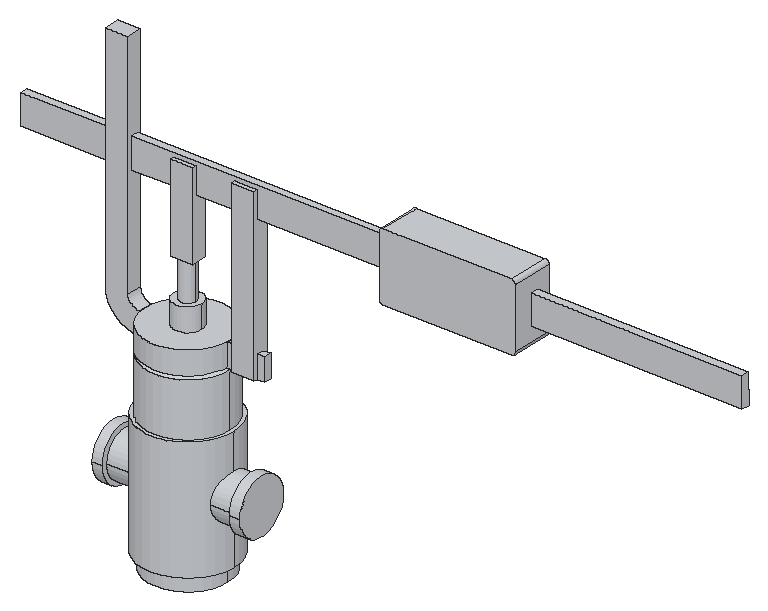
Revit family "bf87fc81bb1a4ac1a097790979638a3d", category Pipe Accessories, Revit 2021
Family settings
  Round Connector Dimension = Use Radius
  Part Type = Valve - Breaks Into
  OmniClass Number = 23.65.55.14.11.11
  OmniClass Title = Fill Valves for Liquid Services
  Seek Item ID = Level Valve - 0.5-2 Inch - Threaded-0000-USA-ENU
  Work Plane-Based = No
  Always vertical = Yes
  Cut with Voids When Loaded = No
  Shared = No
Parameters (values of type "1/2"")
  Valve Material = none
  Valve Length = 0' - 4 7/8"
  Symbol Width = 1 / 2 * Valve Length * tan(30.00°)  # 0' - 1.40729"
  Socket Thickness = 3 / 8 * Socket Radius  # 0' - 0.3375"
  Socket Radius = 1.2 * Outside Radius  # 0' - 0.9"
  Socket Diameter = 2 * Socket Radius  # 0' - 1.8"
  Radius 1 = 1 / 3 * Bonnet Radius  # 0' - 0.46615"
  Outside Radius = 0' - 0 3/4"
  Outside Diameter = 2 * Outside Radius  # 0' - 1 1/2"
  Nominal Radius = 1/4"
  Nominal Diameter = 2 * Nominal Radius  # 1/2"
  K Coefficient = 1.17
  Height 2 = 0' - 3 13/16"
  Height 1 = 0' - 2 5/8"
  Default Elevation = 0' - 0"
  Bottom Radius = 7 / 8 * Body Radius  # 0' - 1.33301"
  Bonnet Radius = Body Radius - 0' 0 1/8"  # 0' - 1 51/128"
  Bonnet Diameter = 2 * Bonnet Radius  # 0' - 2 51/64"
  Body Radius = 5 / 16 * Valve Length  # 0' - 1 67/128"
  Body Diameter = 2 * Body Radius  # 0' - 3 3/64"
Types (7): name | Valve Length | Symbol Width | Socket Thickness | Socket Radius | Socket Diameter | Radius 1 | Outside Radius | Outside Diameter | Nominal Radius | Nominal Diameter | K Coefficient | Height 2 | Height 1 | Bottom Radius | Bonnet Radius | Bonnet Diameter | Body Radius | Body Diameter
  (no name) | 0' - 4 7/8" | 0' - 1.40729" | 0' - 0.3375" | 0' - 0.9" | 0' - 1.8" | 0' - 0.46615" | 0' - 0 3/4" | 0' - 1 1/2" | 1/4" | 1/2" | 1.17 | 0' - 3 13/16" | 0' - 2 5/8" | 0' - 1.33301" | 0' - 1 51/128" | 0' - 2 51/64" | 0' - 1 67/128" | 0' - 3 3/64"
  1/2" | 0' - 4 7/8" | 0' - 1.40729" | 0' - 0.3375" | 0' - 0.9" | 0' - 1.8" | 0' - 0.46615" | 0' - 0 3/4" | 0' - 1 1/2" | 1/4" | 1/2" | 1.17 | 0' - 3 13/16" | 0' - 2 5/8" | 0' - 1.33301" | 0' - 1 51/128" | 0' - 2 51/64" | 0' - 1 67/128" | 0' - 3 3/64"
  2" | 0' - 6 1/2" | 0' - 1.87639" | 0' - 0.61875" | 0' - 1.65" | 0' - 3.3" | 0' - 0.63542" | 0' - 1 3/8" | 0' - 2 3/4" | 1" | 2" | 8.9 | 0' - 4 3/4" | 0' - 3 7/16" | 0' - 1 199/256" | 0' - 1 29/32" | 0' - 3 13/16" | 0' - 2 1/32" | 0' - 4 1/16"
  1" | 0' - 4 7/8" | 0' - 1.40729" | 0' - 0.3375" | 0' - 0.9" | 0' - 1.8" | 0' - 0.46615" | 0' - 0 3/4" | 0' - 1 1/2" | 1/2" | 1" | 8.9 | 0' - 3 13/16" | 0' - 2 5/8" | 0' - 1.33301" | 0' - 1 51/128" | 0' - 2 51/64" | 0' - 1 67/128" | 0' - 3 3/64"
  1 1/4" | 0' - 5 3/4" | 0' - 1.65988" | 0' - 0 9/16" | 0' - 1 1/2" | 0' - 3" | 0' - 0.55729" | 0' - 1 1/4" | 0' - 2 1/2" | 5/8" | 1 1/4" | 6.02 | 0' - 4 3/16" | 0' - 3 1/8" | 0' - 1.57227" | 0' - 1 43/64" | 0' - 3 11/32" | 0' - 1 51/64" | 0' - 3 19/32"
  1 1/2" | 0' - 5 3/4" | 0' - 1.65988" | 0' - 0 9/16" | 0' - 1 1/2" | 0' - 3" | 0' - 0.55729" | 0' - 1 1/4" | 0' - 2 1/2" | 3/4" | 1 1/2" | 7.21 | 0' - 4 3/16" | 0' - 3 1/8" | 0' - 1.57227" | 0' - 1 43/64" | 0' - 3 11/32" | 0' - 1 51/64" | 0' - 3 19/32"
  3/4" | 0' - 4 7/8" | 0' - 1.40729" | 0' - 0.3375" | 0' - 0.9" | 0' - 1.8" | 0' - 0.46615" | 0' - 0 3/4" | 0' - 1 1/2" | 3/8" | 3/4" | 4.75 | 0' - 3 13/16" | 0' - 2 5/8" | 0' - 1.33301" | 0' - 1 51/128" | 0' - 2 51/64" | 0' - 1 67/128" | 0' - 3 3/64"
Reference planes (in)
  plane 1 "Center (Front/Back)": y = 0
  plane 2: z = 0
  plane 3 "Center (Left/Right)": x = 0
  plane 4: x = -2.4375
  plane 5: x = 2.4375
  plane 6: z = -2.625
  plane 7: z = 3.8125
  plane 8: x = -2.1
  plane 9: x = 2.1
  plane 10: z = 1.90625
  plane 11: z = -2.125
  plane 12: x = -1.39844
  plane 13: z = 5.3125
  plane 14: z = 4.5625
  plane 15: x = -2.14844
  plane 16: z = 4.1875
  plane 17: z = 12.5625
  plane 18: x = -2.52344
  plane 19: x = -1.77344
  plane 20: y = 0.25
  plane 21: y = -0.25
  plane 22: z = 9.5625
  plane 23: z = 8.5625
  plane 24: x = -5.4375
  plane 25: x = 18.4375
  plane 26: y = 0.125
  plane 27: y = -0.125
  plane 28: x = 1.39844
  plane 29: z = 9.4375
  plane 30: x = 1.64844
  plane 31: x = 2.39844
  plane 32: y = 0.25
  plane 33: y = -0.25
  plane 34: z = 6.5625
  plane 35: x = -0.375
  plane 36: x = 0.375
  plane 37: x = 11.4375
  plane 38: x = 6.9375
  plane 39: z = 10.1875
  plane 40: z = 7.9375
  plane 41: y = 0.625
  plane 42: y = -0.75
  plane 43: y = 1.40729
  plane 44: y = -1.40729
  plane 45: x = 2.64844
Forms (in)
  Extrusion 1, solid, material <- "Valve Material", detail levels fine
    sketch origin (0, 0, 0) x (0, 1, 0) y (0, 0, 1)
      loop
        circle (0, 0) r 0.75
    from -2.1 to 2.1
  Extrusion 2, solid, material <- "Valve Material", detail levels fine
    sketch origin (0, 0, 0) x (0, 1, 0) y (0, 0, 1)
      loop
        circle (0, 0) r 0.9
    from -2.4375 to -2.1
  Extrusion 3, solid, material <- "Valve Material", detail levels fine
    sketch origin (0, 0, 0) x (0, 1, 0) y (0, 0, 1)
      loop
        circle (0, 0) r 0.9
    from 2.1 to 2.4375
  Extrusion 4, solid, material <- "Valve Material", detail levels fine
    sketch origin (0, 0, 0) x (1, 0, 0) y (0, 1, 0)
      loop
        circle (0, 0) r 1.52344
    from -2.125 to 1.90625
  Extrusion 5, solid, material <- "Valve Material", detail levels fine
    sketch origin (0, 0, 0) x (1, 0, 0) y (0, 1, 0)
      loop
        circle (0, 0) r 1.33301
    from -2.625 to -2.125
  Revolve 6, solid, material <- "Valve Material", detail levels fine
    sketch origin (0, 0, 0) x (1, 0, 0) y (0, 0, 1)
      loop
        line (0, 3.8125) -> (-1.14844, 3.8125) -> (-1.39844, 3.6875) -> (-1.39844, 1.90625) -> (0, 1.90625) -> (0, 3.8125)
      axis (0, 3.8125) -> (0, 1.90625)
    angle from 0 to 360
  Extrusion 7, solid, material <- "Valve Material", detail levels fine
    sketch origin (0, 0, 0) x (1, 0, 0) y (0, 1, 0)
      loop
        circle (0, 0) r 0.46615
    from 3.8125 to 5.3125
  Extrusion 8, solid, material <- "Valve Material", detail levels fine
    sketch origin (0, 0, 0) x (1, 0, 0) y (0, 1, 0)
      loop
        circle (0, 0) r 1.39844
    from 3.8125 to 4.5625
  Sweep 9, solid, material <- "Valve Material", detail levels fine
    path origin (0, 0, 0) x (1, 0, 0) y (0, 0, 1)
      loop
        line (-2.14844, 12.5625) -> (-2.14844, 4.9375)
        arc (-2.14844, 4.9375) -> (-1.92877, 4.40717) -> (-1.39844, 4.1875) r 0.75
    profile origin (-2.14844, 0, 8.75) x (0, -1, 0) y (1, 0, 0)
      loop
        line (-0.25, -0.375) -> (0.25, -0.375) -> (0.25, 0.375) -> (-0.25, 0.375) -> (-0.25, -0.375)
  Extrusion 10, solid, material <- "Valve Material", detail levels fine
    sketch origin (0, 0, 0) x (1, 0, 0) y (0, 0, 1)
      loop
        line (-5.4375, 9.5625) -> (-5.4375, 8.5625) -> (18.4375, 8.5625) -> (18.4375, 9.5625) -> (-5.4375, 9.5625)
    from -0.125 to 0.125
  Extrusion 11, solid, material <- "Valve Material", detail levels fine
    sketch origin (0, 0, 0) x (1, 0, 0) y (0, 0, 1)
      loop
        line (1.39844, 4.5625) -> (1.39844, 3.8125) -> (2.64844, 3.8125) -> (2.64844, 4.5625) -> (1.39844, 4.5625)
    from -0.125 to 0.125
  Extrusion 12, solid, material <- "Valve Material", detail levels fine
    sketch origin (0, 0, 0) x (1, 0, 0) y (0, 0, 1)
      loop
        line (1.64844, 9.4375) -> (1.64844, 3.8125) -> (2.39844, 3.8125) -> (2.39844, 9.4375) -> (1.64844, 9.4375)
    from -0.25 to 0.25
  Extrusion 13, solid, material <- "Valve Material", detail levels fine
    sketch origin (0, 0, 0) x (1, 0, 0) y (0, 0, 1)
      loop
        line (-0.375, 9.4375) -> (-0.375, 6.5625) -> (0.375, 6.5625) -> (0.375, 9.4375) -> (-0.375, 9.4375)
    from -0.25 to 0.25
  Extrusion 14, solid, material <- "Valve Material", detail levels fine
    sketch origin (0, 0, 0) x (1, 0, 0) y (0, 1, 0)
      loop
        circle (0, 0) r 0.25
    from 5.3125 to 6.5625
  Extrusion 15, solid, material <- "Valve Material", detail levels fine
    sketch origin (0, 0, 0) x (1, 0, 0) y (0, 0, 1)
      loop
        arc (7.0625, 10.1875) -> (6.97411, 10.15089) -> (6.9375, 10.0625) r 0.125
        line (6.9375, 10.0625) -> (6.9375, 8.0625)
        arc (6.9375, 8.0625) -> (6.97411, 7.97411) -> (7.0625, 7.9375) r 0.125
        line (7.0625, 7.9375) -> (11.3125, 7.9375)
        arc (11.3125, 7.9375) -> (11.40089, 7.97411) -> (11.4375, 8.0625) r 0.125
        line (11.4375, 8.0625) -> (11.4375, 10.0625)
        arc (11.4375, 10.0625) -> (11.40089, 10.15089) -> (11.3125, 10.1875) r 0.125
        line (11.3125, 10.1875) -> (7.0625, 10.1875)
    from -0.625 to 0.75
Cuts and joins
  joined: Sweep 9, Extrusion 10, Extrusion 11, Extrusion 12, Extrusion 13, Extrusion 15
  joined: Extrusion 1, Extrusion 2, Extrusion 3, Extrusion 4, Extrusion 5, Revolve 6, Extrusion 7, Extrusion 8, Extrusion 14
Lines and regions (in)
  model lines, detail levels coarse+medium
    curve 1: line (-2.4375, 1.40729, 0) -> (-2.4375, -1.40729, 0)
    curve 2: line (2.4375, 1.40729, 0) -> (2.4375, -1.40729, 0)
    curve 3: line (-2.4375, 1.40729, 0) -> (2.4375, -1.40729, 0)
    curve 4: line (2.4375, 1.40729, 0) -> (-2.4375, -1.40729, 0)
Dimensions and locks (in)
  equal spacing: plane 4, plane 3 "Center (Left/Right)", plane 5
  "Valve Length": plane 4 to plane 5
  "Height 1": plane 2 to plane 6
  "Height 2": plane 7 to plane 2
  "Socket Thickness": plane 4 to plane 8
  "Socket Thickness": plane 9 to plane 5
  equal spacing: plane 7, plane 10, plane 2
  locked: plane 11 to plane 6 at 0.5
  "Bonnet Radius": plane 3 "Center (Left/Right)" to plane 12
  locked: Revolve 6 sketch curve to Revolve 6 sketch curve at 0.125
  locked: plane 14 to plane 7 at 0.75
  locked: plane 13 to plane 14 at 0.75
  equal spacing: plane 14, plane 16, plane 7
  plane 18 to plane 15 to plane 19 = 0' - 0 3/8" locked, 0' - 0 3/8" locked
  locked: plane 17 to plane 7 at 8.75
  locked: plane 17 to plane 22 at 3
  locked: plane 24 to plane 4 at 3
  locked: plane 26 to plane 1 "Center (Front/Back)" at 0.125
  locked: plane 1 "Center (Front/Back)" to plane 27 at 0.125
  "Bonnet Radius": plane 3 "Center (Left/Right)" to plane 28
  plane 20 to plane 1 "Center (Front/Back)" to plane 21 = 0' - 0 1/4" locked, 0' - 0 1/4" locked
  locked: plane 22 to plane 23 at 1
  locked: plane 22 to plane 29 at 0.125
  locked: plane 28 to plane 30 at 0.25
  locked: plane 31 to plane 30 at 0.75
  locked: plane 32 to plane 1 "Center (Front/Back)" at 0.25
  locked: plane 33 to plane 1 "Center (Front/Back)" at 0.25
  locked: plane 23 to plane 34 at 2
  plane 36 to plane 3 "Center (Left/Right)" to plane 35 = 0' - 0 3/8" locked, 0' - 0 3/8" locked
  locked: plane 24 to plane 25 at 23.875
  plane 38 to plane 37 to plane 25 = 0' - 4 1/2" locked, 0' - 7" locked
  locked: plane 39 to plane 22 at 0.625
  locked: plane 23 to plane 40 at 0.625
  locked: plane 41 to plane 26 at 0.5
  locked: plane 33 to plane 42 at 0.5
  "Symbol Width": plane 43 to plane 1 "Center (Front/Back)"
  "Symbol Width": plane 44 to plane 1 "Center (Front/Back)"
  locked: plane 15 to plane 12 at 0.75
  locked: plane 45 to plane 31 at 0.25
  "Outside Radius": radius of Extrusion 1 sketch curve
  radius of Extrusion 2 sketch curve = 0' - 0.9"
  radius of Extrusion 3 sketch curve = 0' - 0.9"
  "Body Radius": radius of Extrusion 4 sketch curve
  "Bottom Radius": radius of Extrusion 5 sketch curve
  "Radius 1": radius of Extrusion 7 sketch curve
  "Bonnet Radius": radius of Extrusion 8 sketch curve
  radius of Extrusion 14 sketch curve = 0' - 0 1/4"
  aligned and locked: plane 1 "Center (Front/Back)" to Extrusion 1 sketch curve
  aligned and locked: plane 2 to Extrusion 1 sketch curve
  aligned and locked: Extrusion 1 to plane 8
  aligned and locked: plane 9 to Extrusion 1
  aligned and locked: plane 2 to Extrusion 2 sketch curve
  aligned and locked: plane 1 "Center (Front/Back)" to Extrusion 2 sketch curve
  aligned and locked: Extrusion 2 to plane 4
  aligned and locked: plane 8 to Extrusion 2
  aligned and locked: plane 2 to Extrusion 3 sketch curve
  aligned and locked: plane 1 "Center (Front/Back)" to Extrusion 3 sketch curve
  aligned and locked: plane 5 to Extrusion 3
  aligned and locked: Extrusion 3 to plane 9
  aligned and locked: plane 1 "Center (Front/Back)" to Extrusion 4 sketch curve
  aligned and locked: plane 3 "Center (Left/Right)" to Extrusion 4 sketch curve
  aligned and locked: plane 10 to Extrusion 4
  aligned and locked: Extrusion 4 to plane 11
  aligned and locked: plane 1 "Center (Front/Back)" to Extrusion 5 sketch curve
  aligned and locked: plane 3 "Center (Left/Right)" to Extrusion 5 sketch curve
  aligned and locked: Extrusion 5 to plane 6
  aligned and locked: plane 11 to Extrusion 5
  aligned and locked: plane 7 to Revolve 6 sketch curve
  aligned and locked: plane 3 "Center (Left/Right)" to Revolve 6 sketch curve
  aligned and locked: Revolve 6 sketch curve to plane 12
  aligned and locked: Revolve 6 sketch curve to plane 10
  aligned and locked: Revolve 6 sketch curve to Revolve 6 sketch curve
  aligned and locked: plane 1 "Center (Front/Back)" to Extrusion 7 sketch curve
  aligned and locked: plane 3 "Center (Left/Right)" to Extrusion 7 sketch curve
  aligned and locked: plane 13 to Extrusion 7
  aligned and locked: Extrusion 7 to plane 7
  aligned and locked: plane 1 "Center (Front/Back)" to Extrusion 8 sketch curve
  aligned and locked: plane 3 "Center (Left/Right)" to Extrusion 8 sketch curve
  aligned and locked: Extrusion 8 to plane 7
  aligned and locked: plane 14 to Extrusion 8
  aligned and locked: plane 17 to Sweep 9 sketch curve
  aligned and locked: plane 15 to Sweep 9 sketch curve
  aligned and locked: plane 18 to Sweep 9 sketch curve
  aligned and locked: plane 20 to Sweep 9 sketch curve
  aligned and locked: plane 21 to Sweep 9 sketch curve
  aligned and locked: plane 19 to Sweep 9 sketch curve
  aligned and locked: plane 24 to Extrusion 10 sketch curve
  aligned and locked: Extrusion 10 sketch curve to plane 22
  aligned and locked: plane 23 to Extrusion 10 sketch curve
  aligned and locked: Extrusion 10 sketch curve to plane 25
  aligned and locked: Extrusion 10 to plane 26
  aligned and locked: Extrusion 10 to plane 27
  aligned and locked: Extrusion 11 sketch curve to Extrusion 8
  aligned and locked: Extrusion 8 to Extrusion 11 sketch curve
  aligned and locked: plane 7 to Extrusion 11 sketch curve
  aligned and locked: plane 26 to Extrusion 11
  aligned and locked: Extrusion 11 to plane 27
  aligned and locked: plane 30 to Extrusion 12 sketch curve
  aligned and locked: Extrusion 12 sketch curve to plane 29
  aligned and locked: plane 7 to Extrusion 12 sketch curve
  aligned and locked: Extrusion 12 sketch curve to plane 31
  aligned and locked: plane 32 to Extrusion 12
  aligned and locked: Extrusion 12 to plane 33
  aligned and locked: plane 35 to Extrusion 13 sketch curve
  aligned and locked: Extrusion 13 sketch curve to plane 29
  aligned and locked: plane 34 to Extrusion 13 sketch curve
  aligned and locked: Extrusion 13 sketch curve to plane 36
  aligned and locked: plane 32 to Extrusion 13
  aligned and locked: Extrusion 13 to plane 33
  aligned and locked: plane 1 "Center (Front/Back)" to Extrusion 14 sketch curve
  aligned and locked: plane 3 "Center (Left/Right)" to Extrusion 14 sketch curve
  aligned and locked: plane 34 to Extrusion 14
  aligned and locked: Extrusion 14 to plane 13
  aligned and locked: Extrusion 15 sketch curve to plane 39
  aligned and locked: plane 37 to Extrusion 15 sketch curve
  aligned and locked: plane 40 to Extrusion 15 sketch curve
  aligned and locked: plane 41 to Extrusion 15
  aligned and locked: Extrusion 15 to plane 42
  aligned and locked: plane 43 to curve 2
  aligned and locked: plane 44 to curve 2
  aligned and locked: curve 2 to plane 5
  aligned and locked: plane 43 to curve 1
  aligned and locked: plane 44 to curve 1
  aligned and locked: curve 1 to plane 4
  aligned and locked: Extrusion 11 sketch curve to plane 45
Automatic sketch dimensions
  Revolve 6 sketch curve to plane 10 = 0' - 0"
  Revolve 6 sketch curve to plane 7 = 0' - 0"
  plane 12 to Revolve 6 sketch curve = 0' - 0 1/4"
  Sweep 9 sketch curve to plane 12 = 0' - 0"
  Sweep 9 sketch curve to plane 16 = 0' - 0"
  Extrusion 10 sketch curve to plane 23 = 0' - 0"
  Extrusion 15 sketch curve to plane 38 = 0' - 0"
  Extrusion 15 sketch curve to plane 38 = 0' - 0 1/8"  (x2)
  plane 37 to Extrusion 15 sketch curve = 0' - 0 1/8"
  Extrusion 15 sketch curve to Extrusion 15 sketch curve = 0' - 0 1/8"
Connectors (in)
  piping at (-2.4375, 0, 0), diameter 0.5, driven by "Nominal Radius"
    settings: on cut or joined group 1 (Extrusion 1, Extrusion 2, Extrusion 3, Extrusion 4, Extrusion 5, Revolve 6, Extrusion 7, Extrusion 8, Extrusion 14), index 1, connector inside diameter 1/2", connector length 0' - 0", flow factor 0, pipe flow 0 GPM, pressure drop 0.00 psi, fitting loss kfactor 0, connector angle 0.00°, fixture units 0, engagement length 0' - 0", angle of deflection 0.00°, flow configuration 0, flow direction 0, fitting loss method 2, system type 29, joint type 0, gender type 0, connector reference index 2, connector utility 0, adjustable connector no, is connector primary yes, connector description ""
  piping at (2.4375, 0, 0), diameter 0.5, driven by "K Coefficient", driven by "Nominal Radius"
    settings: on cut or joined group 1, index 2, connector inside diameter 1/2", connector length 0' - 0", flow factor 0, pipe flow 0 GPM, pressure drop 0.00 psi, fitting loss kfactor 1.17, connector angle 0.00°, fixture units 0, engagement length 0' - 0", angle of deflection 0.00°, flow configuration 0, flow direction 0, fitting loss method 2, system type 29, joint type 0, gender type 0, connector reference index 1, connector utility 0, adjustable connector no, is connector primary no, connector description ""
